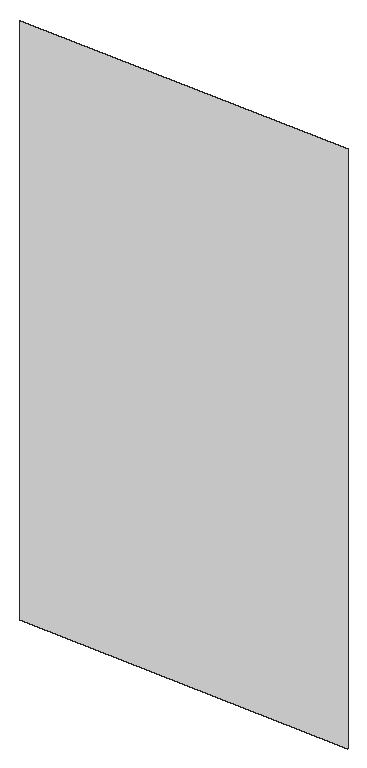
Revit family
Parameters (values of type "단일")
  폭 = 70 mm
  장착 높이 = 305 mm
  레이블 = "R"
  높이 = 115 mm
  재료 = 플라스틱 - 흰색
Reference planes
  plane 1: y = 0
  plane 2 "중심(왼쪽/오른쪽)": x = 125
  plane 3 "뒤로": y = 75
  plane 4: z = 305
  plane 5: x = 90
  plane 6: x = 160
  plane 7: z = 362.5
  plane 8: z = 247.5
  plane 9: y = 80
Forms (mm)
  Blend 1, solid, material "플라스틱 - 흰색" <- "재료"
    base sketch origin (0, 75, 0) x (1, 0, 0) y (0, 0, 1)
      loop
        line (160, 362.5) -> (90, 362.5) -> (90, 247.5) -> (160, 247.5) -> (160, 362.5)
    top sketch origin (0, 75, 0) x (1, 0, 0) y (0, 0, 1)
      loop
        line (155, 357.5) -> (95, 357.5) -> (95, 252.5) -> (155, 252.5) -> (155, 357.5)
    from 0 to -5
Text (mm)
  text "측면 배치" at (0, 1270.507, 3001.832), in view "왼쪽"
  text "측면 배치" at (0, 530.812, 2999.686), in view "오른쪽"
Dimensions and locks
  locked: plane 3 "뒤로" to host wall
  "높이": plane 8 to plane 7
  "폭": plane 5 to plane 6
  equal spacing: plane 8, plane 4, plane 7
  equal spacing: plane 5, plane 2 "중심(왼쪽/오른쪽)", plane 6
  "장착 높이": level to plane 4
  locked: plane 3 "뒤로" to plane 9 at 5
  aligned and locked: plane 1 to host wall
  aligned and locked: plane 6 to Blend 1 sketch curve
  aligned and locked: Blend 1 sketch curve to plane 7
  aligned and locked: plane 8 to Blend 1 sketch curve
  aligned and locked: plane 5 to Blend 1 sketch curve
  aligned and locked: plane 3 "뒤로" to Blend 1
  aligned and locked: Blend 1 to plane 9
  aligned and locked: plane 3 "뒤로" to nested 1
Automatic sketch dimensions
  Blend 1 sketch curve to plane 5 = 5 mm
  plane 6 to Blend 1 sketch curve = 5 mm
  Blend 1 sketch curve to plane 8 = 5 mm
  plane 7 to Blend 1 sketch curve = 5 mm
Nested families
  nested 1: "콘센트 주석-범위" at (125, 75, 0), type "콘센트 주석-범위"
Definition of nested family "콘센트 주석-범위"
  Parameters
    레이블 = "R"
  Reference planes
    plane 1: y = 0
    plane 2: x = 0
  Lines and regions (mm)
    detail lines
      curve 1: arc (-1.218, 2.706, 0) -> (1.219, 4.039, 0) -> (-1.218, 2.706, 0) r 1.389
      curve 2: line (-0.461, 0.398, 0) -> (-0.461, 4.684, 0)
      curve 3: line (0.461, 0.398, 0) -> (0.461, 4.684, 0)
      curve 4: line (0, 0.398, 0) -> (0, 4.762, 0)
  Text (mm)
    label "레이블" at (2.068, 2.246, 0), shows "레이블"
